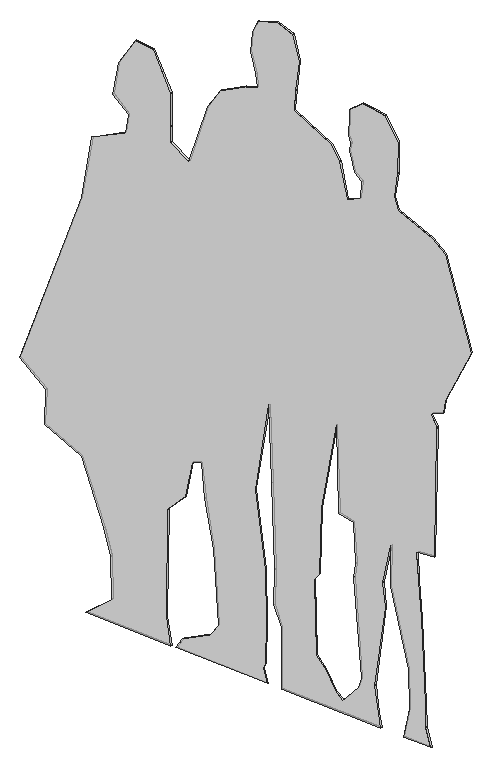
Revit family "ADSK_Антураж_ГруппаЛюдей_01", category Антураж, Revit 2019
Family settings
  На основе рабочей плоскости = Нет
  Всегда вертикально = Да
  При загрузке вырезать с полостями = Нет
  Источник визуального образа = Геометрия семейства
  Общий = Нет
  Точка расчета площади = Нет
Parameters (values of type "Тип")
  Высота = 0 mm
  Материал = Антураж
  ADSK_Версия семейства = "1.0"  # constant formula
  ADSK_Версия Revit = "v2019"  # constant formula
Reference planes
  plane 1 "Center (Front/Back)": y = 0
  plane 2: z = 0
  plane 3 "Center (Left/Right)": x = 0
  plane 4: z = 1600
Forms (mm)
  Extrusion 1, solid, material "Антураж" <- "Материал"
    sketch origin (0, 0, 0) x (1, 0, 0) y (0, 0, 1)
      loop
        line (-225.766, 1308.457) -> (-279.281, 1340.849) -> (-279.281, 1382.596) -> (-279.281, 1471.307) -> (-331.491, 1570.456) -> (-384.928, 1574.271) -> (-435.91, 1497.399) -> (-451.573, 1408.687) -> (-404.584, 1372.159) -> (-415.026, 1319.976) -> (-514.224, 1273.01) -> (-545.55, 1100.805) -> (-728.283, 610.281) -> (-649.969, 552.88) -> (-655.19, 458.95) -> (-545.55, 411.984) -> (-477.677, 244.998) -> (-456.794, 177.159) -> (-454.604, 62.477) -> (-533.069, 0) -> (-278.741, 0) -> (-292.824, 72.792) -> (-287.603, 359.801) -> (-236.733, 411.984) -> (-215.849, 511.133) -> (-188.755, 516.936) -> (-178.002, 428.357) -> (-152.606, 301.136) -> (-137.556, 105.567) -> (-162.012, 71.055) -> (-242.905, 33.835) -> (-264.539, 0) -> (8.239, 0) -> (-3.989, 37.219) -> (2.596, 49.4) -> (5.417, 164.44) -> (2.596, 301.136) -> (-28.36, 505.502) -> (12.002, 744.381) -> (21.408, 540.014) -> (29.873, 313.317) -> (27.08, 217.224) -> (48.686, 164.44) -> (48.686, 0) -> (345.337, 0) -> (337.847, 36.37) -> (326.735, 108.838) -> (359.34, 327.195) -> (350.707, 390.852) -> (374.645, 496.497) -> (373.28, 387.367) -> (426.999, 184.884) -> (430.651, 83.846) -> (412.388, 0) -> (493.495, 0) -> (478.915, 49.761) -> (477.666, 109.41) -> (466.231, 334.089) -> (455.757, 432.262) -> (451.832, 506.828) -> (505.017, 511.341) -> (511.806, 856.754) -> (511.806, 861.054) -> (494.338, 887.768) -> (531.238, 904.768) -> (536.096, 941.196) -> (613.134, 1092.49) -> (536.096, 1329.766) -> (497.232, 1358.909) -> (397.75, 1397.344) -> (385.605, 1428.915) -> (395.216, 1494.908) -> (397.85, 1577.851) -> (356.774, 1636.715) -> (319.918, 1640.622) -> (289.926, 1643.367) -> (251.062, 1614.225) -> (251.062, 1599.653) -> (248.633, 1543.796) -> (255.92, 1526.796) -> (251.062, 1504.939) -> (265.636, 1451.511) -> (288.341, 1436.623) -> (283.483, 1390.48) -> (245.69, 1374.33) -> (222.731, 1467.484) -> (198.275, 1502.673) -> (88.223, 1554.103) -> (91.986, 1609.593) -> (103.273, 1690.798) -> (83.52, 1755.762) -> (38.371, 1772.003) -> (-19.007, 1755.762) -> (-36.878, 1720.573) -> (-42.522, 1665.083) -> (-26.532, 1611.623) -> (-22.769, 1577.788) -> (-56.631, 1568.314) -> (-131.88, 1530.418) -> (-171.386, 1472.898) -> (-225.766, 1308.457)
      loop
        line (232.315, 36.021) -> (278.423, 86.365) -> (286.903, 111.801) -> (265.249, 373.556) -> (270.786, 413.909) -> (262.56, 519.365) -> (220.274, 528.469) -> (213.437, 761.784) -> (169.084, 525.127) -> (162.5, 345.122) -> (146.51, 327.528) -> (154.035, 127.221) -> (182.253, 96.093) -> (210.471, 52.783) -> (232.315, 36.021)
    from 0 to 5
Lines and regions (mm)
  model lines
    curve 1: line (0, 150, 0) -> (0, -150, 0)
    curve 2: line (-150, 0, 0) -> (150, 0, 0)
Dimensions and locks
  aligned and locked: level to plane 2
